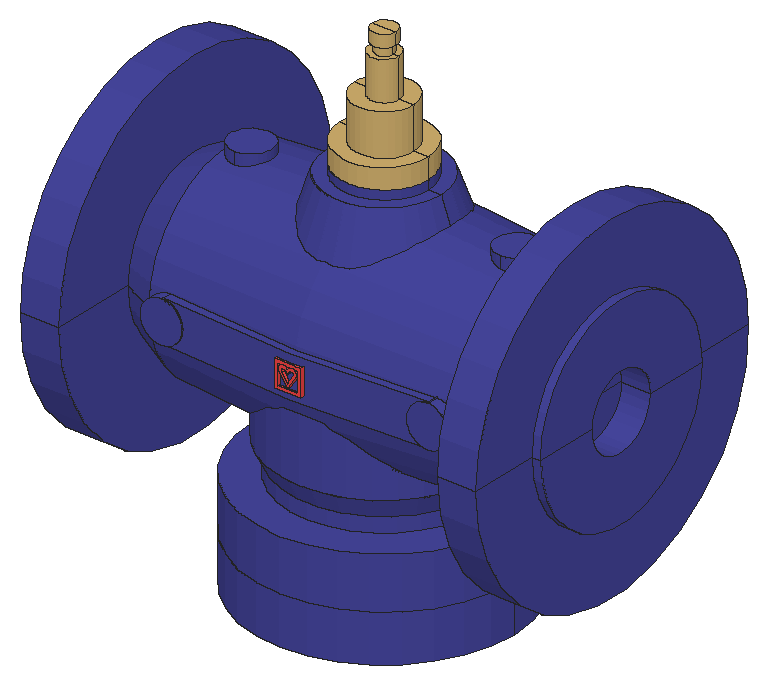
Revit family "Клапан проходной регулирующий, фланцевый F 4035_PN16", category Rohrzubehör, Revit 2020
Family settings
  Bemaßung runder Anschluss = Durchmesser verwenden
  Teiletyp = Unterbricht
  OmniClass-Nummer = 23.65.55.14
  OmniClass-Titel = Valves for Liquid Services
  Arbeitsebenenbasiert = Nein
  Immer vertikal = Ja
  Beim Laden mit Abzugskörper schneiden = Nein
  Gemeinsam genutzt = Nein
Parameters (values of type "kvs6.3")
  Среда = "Качество очистки воды должно соответствовать нормам ÖNORM H 5195 и VDI 2035 стандартам."
  Номер заказа [instance] = if(and(kvs1, Nennweite = 15 mm), 403501, if(and(kvs1.6, Nennweite = 15 mm), 403511, if(and(kvs2.5, Nennweite = 15 mm), 403521, if(and(kvs4, Nennweite = 15 mm), 403531, if(and(kvs6.3, Nennweite = 25 mm), 403503, if(and(kvs10, Nennweite = 25 mm), 403513, if(and(kvs16, Nennweite = 32 mm), 403504, if(and(kvs25, Nennweite = 40 mm), 403505, if(and(kvs40, Nennweite = 50 mm), 403516, if(and(kvs63, Nennweite = 65 mm), 403507, if(and(kvs100, Nennweite = 80 mm), 403508, if(and(kvs160, Nennweite = 100 mm), 403509, if(and(kvs250, Nennweite = 125 mm), 403510, if(and(kvs330, Nennweite = 150 mm), 403541, 0))))))))))))))  # 403503
  Вес [instance] = size_lookup("4035_PN16", "Gewicht", 25, Nennweite)  # 8
  kvs63 = no
  kvs6.3 = yes
  kvs40 = no
  kvs4 = no
  kvs330 = no
  kvs250 = no
  kvs25 = no
  kvs2.5 = no
  kvs160 = no
  kvs16 = no
  kvs100 = no
  kvs10 = no
  kvs1.6 = no
  kvs1 = no
  Седло клапана = "WN1.4021"  # constant formula
  Конус клапана = "WN1.4021/латунь"  # constant formula
  Пропускная характеристика клапана = "равнопроцентная"  # constant formula
  Vorgabe-Ansicht = 0 mm
  URL = "www.herz-armaturen.ru"
  Шток = "WN1.4404"  # constant formula
  SCTWSEQ = "FW;SBT_TYP_FW=\"101\";2"
  SCTWCODE = "04;05;02"  # constant formula
  SCRNSEQ = "ARM;ARM_TYP=\"DURR\";2"
  SCRNCODE = "05;06;02"  # constant formula
  R14 = 4 mm  # constant formula
  R13 = 3 mm  # constant formula
  R12 = 5 mm  # constant formula
  R11 [instance] = size_lookup("4035_PN16", "R11", 18 mm, Nennweite)  # 10 mm
  R10 [instance] = size_lookup("4035_PN16", "R10", 23 mm, Nennweite)  # 15 mm
  R09 [instance] = size_lookup("4035_PN16", "R9", 49 mm, Nennweite)  # 19.5 mm
  R08 [instance] = R00 + 3 mm  # 41 mm
  R07 [instance] = size_lookup("4035_PN16", "R7", 15.5 mm, Nennweite)  # 7 mm
  R06 [instance] = size_lookup("4035_PN16", "R6", 15.5 mm, Nennweite)  # 7 mm
  R05 [instance] = size_lookup("4035_PN16", "R5", 62.5 mm, Nennweite)  # 35.5 mm
  R04 [instance] = size_lookup("4035_PN16", "R4", 59.5 mm, Nennweite)  # 32.5 mm
  R03 [instance] = size_lookup("4035_PN16", "R3", 43 mm, Nennweite)  # 44 mm
  R02 [instance] = size_lookup("4035_PN16", "R2", 43 mm, Nennweite)  # 19.5 mm
  R01 [instance] = size_lookup("4035_PN16", "R1", 55.5 mm, Nennweite)  # 28.5 mm
  R00 [instance] = size_lookup("4035_PN16", "R", 65 mm, Nennweite)  # 38 mm
  PN = 16  # constant formula
  Nennweite [instance] = 25 mm
  Мин. рабочая температура = 5 °C  # constant formula
  Макс. рабочая температура = 150 °C  # constant formula
  Макс. рабочее давление = 1600000.0 Pa  # constant formula
  LO1 [instance] = size_lookup("4035_PN16", "LO1", 28.5 mm, Nennweite)  # 40 mm
  L07 [instance] = L06 - R06  # 45 mm
  L06 [instance] = size_lookup("4035_PN16", "L6", 110 mm, Nennweite)  # 52 mm
  L05 [instance] = D00  # 57.5 mm
  L03 = 10 mm  # constant formula
  L02 [instance] = size_lookup("4035_PN16", "L2", 15 mm, Nennweite)  # 13 mm
  L01 = 3 mm  # constant formula
  L00 [instance] = size_lookup("4035_PN16", "L", 145 mm, Nennweite)  # 80 mm
  Hersteller = "Herz-Armaturen GmbH"  # constant formula
  H18 [instance] = 17.5 mm  # constant formula
  H15 = 4 mm  # constant formula
  H14 [instance] = size_lookup("4035_PN16", "H14", 17 mm, Nennweite)  # 13 mm
  H13 [instance] = size_lookup("4035_PN16", "H13", 18 mm, Nennweite)  # 14 mm
  H12 [instance] = size_lookup("4035_PN16", "H12", 10.5 mm, Nennweite)  # 6.8 mm
  H11 [instance] = size_lookup("4035_PN16", "H11", 52.5 mm, Nennweite)  # 40.8 mm
  H10 [instance] = size_lookup("4035_PN16", "H10", 135.4 mm, Nennweite)  # 88.3 mm
  H09 = 3 mm  # constant formula
  H08 [instance] = size_lookup("4035_PN16", "H8", 79 mm, Nennweite)  # 44.5 mm
  H07 [instance] = R00  # 38 mm
  H06 [instance] = size_lookup("4035_PN16", "H6", 59 mm, Nennweite)  # 35 mm
  H05 [instance] = size_lookup("4035_PN16", "H5", 20 mm, Nennweite)  # 5 mm
  H04 [instance] = size_lookup("4035_PN16", "H4", 17 mm, Nennweite)  # 15 mm
  H02 [instance] = size_lookup("4035_PN16", "H2", 38 mm, Nennweite)  # 3 mm
  H03 [instance] = size_lookup("4035_PN16", "H3", 112 mm, Nennweite)  # 64 mm
  H01 [instance] = size_lookup("4035_PN16", "H1", 14 mm, Nennweite)  # 16 mm
  Корпус = "EN-GJL-250 (EN 1561)"  # constant formula
  Материал уплотнения = "70EPDM"  # constant formula
  DN80 [instance] = Nennweite = 80 mm  # no
  DN65 [instance] = Nennweite = 65 mm  # no
  DN50 [instance] = Nennweite = 50 mm  # no
  DN40 [instance] = Nennweite = 40 mm  # no
  DN32 [instance] = Nennweite = 32 mm  # no
  DN25 [instance] = Nennweite = 25 mm  # yes
  DN150 [instance] = Nennweite = 150 mm  # no
  DN15 [instance] = Nennweite = 15 mm  # no
  DN125 [instance] = Nennweite = 125 mm  # no
  DN100 [instance] = Nennweite = 100 mm  # no
  D02 [instance] = Nennweite / 2  # 12.5 mm
  D01 [instance] = size_lookup("4035_PN16", "D1", 61 mm, Nennweite)  # 34 mm
  D00 [instance] = size_lookup("4035_PN16", "D", 92.5 mm, Nennweite)  # 57.5 mm
  Description = ""
  Область применения = "Клапан может использоваться в системах отопления, вентиляции и кондиционирования воздуха, в производственных и технологических процессах. Пропускная характеристика клапана - равнопроцентная. Соотношение регулирования (соотношение между пропускной способностью при номинальной высоте хода Kvs и минимальным значением пропускной способности, при которой погрешность регулирования находится в пределах номинального допуска Kvmin) - 30. Выбор проходного фланцевого клапана осущетвляется в соответствии с диаграммой значений kvs."
  Фланцевое соединение = "EN 1092-2"  # constant formula
Types (15, lengths in mm): name | Номер заказа | Вес | kvs63 | kvs6.3 | kvs40 | kvs4 | kvs330 | kvs250 | kvs25 | kvs2.5 | kvs160 | kvs16 | kvs100 | kvs10 | kvs1.6 | kvs1 | R11 | R10 | R09 | R08 | R07 | R06 | R05 | R04 | R03 | R02 | R01 | R00 | Nennweite | LO1 | L07 | L06 | L05 | L02 | L00 | H14 | H13 | H12 | H11 | H10 | H08 | H07 | H06 | H05 | H04 | H02 | H03 | H01 | DN80 | DN50 | DN40 | DN32 | DN25 | DN150 | DN15 | DN125 | DN100 | D02 | D01 | D00
  (no name) | 403503 | 8 | no | yes | no | no | no | no | no | no | no | no | no | no | no | no | 10 | 15 | 19.5 | 41 | 7 | 7 | 35.5 | 32.5 | 44 | 19.5 | 28.5 | 38 | 25 | 40 | 45 | 52 | 57.5 | 13 | 80 | 13 | 14 | 6.8 | 40.8 | 88.3 | 44.5 | 38 | 35 | 5 | 15 | 3 | 64 | 16 | no | no | no | no | yes | no | no | no | no | 12.5 | 34 | 57.5
  kvs1 | 403501 | 5 | no | no | no | no | no | no | no | no | no | no | no | no | no | yes | 10 | 15 | 19.5 | 29.5 | 6 | 6 | 24 | 21 | 32.5 | 14 | 17 | 26.5 | 15 | 27.5 | 34 | 40 | 47.5 | 11 | 65 | 13 | 14 | 6.8 | 40.8 | 80.3 | 36.5 | 26.5 | 24.5 | 5 | 13 | 11 | 49 | 14 | no | no | no | no | no | no | yes | no | no | 7.5 | 22.5 | 47.5
  kvs1.6 | 403511 | 5 | no | no | no | no | no | no | no | no | no | no | no | no | yes | no | 10 | 15 | 19.5 | 29.5 | 6 | 6 | 24 | 21 | 32.5 | 14 | 17 | 26.5 | 15 | 27.5 | 34 | 40 | 47.5 | 11 | 65 | 13 | 14 | 6.8 | 40.8 | 80.3 | 36.5 | 26.5 | 24.5 | 5 | 13 | 11 | 49 | 14 | no | no | no | no | no | no | yes | no | no | 7.5 | 22.5 | 47.5
  kvs2.5 | 403521 | 5 | no | no | no | no | no | no | no | yes | no | no | no | no | no | no | 10 | 15 | 19.5 | 29.5 | 6 | 6 | 24 | 21 | 32.5 | 14 | 17 | 26.5 | 15 | 27.5 | 34 | 40 | 47.5 | 11 | 65 | 13 | 14 | 6.8 | 40.8 | 80.3 | 36.5 | 26.5 | 24.5 | 5 | 13 | 11 | 49 | 14 | no | no | no | no | no | no | yes | no | no | 7.5 | 22.5 | 47.5
  kvs4 | 403531 | 5 | no | no | no | yes | no | no | no | no | no | no | no | no | no | no | 10 | 15 | 19.5 | 29.5 | 6 | 6 | 24 | 21 | 32.5 | 14 | 17 | 26.5 | 15 | 27.5 | 34 | 40 | 47.5 | 11 | 65 | 13 | 14 | 6.8 | 40.8 | 80.3 | 36.5 | 26.5 | 24.5 | 5 | 13 | 11 | 49 | 14 | no | no | no | no | no | no | yes | no | no | 7.5 | 22.5 | 47.5
  kvs6.3 | 403503 | 8 | no | yes | no | no | no | no | no | no | no | no | no | no | no | no | 10 | 15 | 19.5 | 41 | 7 | 7 | 35.5 | 32.5 | 44 | 19.5 | 28.5 | 38 | 25 | 40 | 45 | 52 | 57.5 | 13 | 80 | 13 | 14 | 6.8 | 40.8 | 88.3 | 44.5 | 38 | 35 | 5 | 15 | 3 | 64 | 16 | no | no | no | no | yes | no | no | no | no | 12.5 | 34 | 57.5
  kvs10 | 403513 | 8 | no | no | no | no | no | no | no | no | no | no | no | yes | no | no | 10 | 15 | 19.5 | 41 | 7 | 7 | 35.5 | 32.5 | 44 | 19.5 | 28.5 | 38 | 25 | 40 | 45 | 52 | 57.5 | 13 | 80 | 13 | 14 | 6.8 | 40.8 | 88.3 | 44.5 | 38 | 35 | 5 | 15 | 3 | 64 | 16 | no | no | no | no | yes | no | no | no | no | 12.5 | 34 | 57.5
  kvs16 | 403504 | 11.5 | no | no | no | no | no | no | no | no | no | yes | no | no | no | no | 10 | 15 | 20.5 | 46 | 9 | 9 | 40.5 | 37.5 | 49 | 24.5 | 33.5 | 43 | 32 | 45 | 51 | 60 | 70 | 13 | 90 | 17 | 18 | 10.5 | 52.5 | 102 | 46.5 | 43 | 39 | 15 | 15 | 4 | 84 | 16 | no | no | no | yes | no | no | no | no | no | 16 | 39 | 70
  kvs25 | 403505 | 13 | no | no | no | no | no | no | yes | no | no | no | no | no | no | no | 10 | 15 | 20.5 | 51 | 12 | 12 | 45.5 | 42.5 | 54 | 29 | 38.5 | 48 | 40 | 50 | 56 | 68 | 75 | 13 | 100 | 17 | 18 | 10.5 | 52.5 | 112 | 56.5 | 48 | 43 | 20 | 15 | 1 | 94 | 16 | no | no | yes | no | no | no | no | no | no | 20 | 44 | 75
  kvs63 | 0 | 16 | yes | no | no | no | no | no | no | no | no | no | no | no | no | no | 18 | 23 | 49 | 56 | 13.5 | 13.5 | 52.5 | 49.5 | 61 | 34 | 45.5 | 53 | 50 | 56 | 66.5 | 80 | 82.5 | 15 | 115 | 17 | 18 | 10.5 | 52.5 | 122 | 66.5 | 53 | 43 | 1 | 15 | 42 | 67 | 18 | no | yes | no | no | no | no | no | no | no | 25 | 51 | 82.5
  kvs100 | 403508 | 31 | no | no | no | no | no | no | no | no | no | no | yes | no | no | no | 18 | 23 | 49 | 76 | 15.5 | 15.5 | 70.5 | 67.5 | 79 | 51 | 63.5 | 73 | 80 | 77 | 99.5 | 115 | 100 | 17 | 155 | 17 | 18 | 10.5 | 52.5 | 168.5 | 113 | 73 | 65 | 20 | 19 | 46 | 125 | 20 | yes | no | no | no | no | no | no | no | no | 40 | 69 | 100
  kvs160 | 403509 | 46 | no | no | no | no | no | no | no | no | yes | no | no | no | no | no | 30 | 35 | 61 | 86 | 20.5 | 20.5 | 80.5 | 77.5 | 89 | 61 | 73.5 | 83 | 100 | 88 | 112.5 | 133 | 110 | 17 | 175 | 21 | 22 | 14.2 | 64.2 | 189.7 | 122.5 | 83 | 73 | 25 | 19 | 65 | 135 | 20 | no | no | no | no | no | no | no | no | yes | 50 | 79 | 110
  kvs250 | 403510 | 72 | no | no | no | no | no | yes | no | no | no | no | no | no | no | no | 30 | 35 | 61 | 101 | 20.5 | 20.5 | 95.5 | 92.5 | 104 | 76 | 88.5 | 98 | 125 | 103 | 134.5 | 155 | 125 | 19 | 200 | 21 | 22 | 14.2 | 64.2 | 231 | 163.5 | 98 | 80 | 30 | 21 | 44 | 158 | 21 | no | no | no | no | no | no | no | yes | no | 62.5 | 94 | 125
  kvs330 | 403541 | 91 | no | no | no | no | yes | no | no | no | no | no | no | no | no | no | 30 | 35 | 61 | 113 | 20.5 | 20.5 | 107.5 | 104.5 | 116 | 88 | 100.5 | 110 | 150 | 115 | 174.5 | 195 | 142.5 | 19 | 240 | 21 | 22 | 14.2 | 64.2 | 237.5 | 170 | 110 | 85 | 25 | 21 | 42 | 153 | 21 | no | no | no | no | no | yes | no | no | no | 75 | 106 | 142.5
  Kvs40 | 403516 | 16 | no | no | yes | no | no | no | no | no | no | no | no | no | no | no | 18 | 23 | 49 | 56 | 13.5 | 13.5 | 52.5 | 49.5 | 61 | 34 | 45.5 | 53 | 50 | 56 | 66.5 | 80 | 82.5 | 15 | 115 | 17 | 18 | 10.5 | 52.5 | 122 | 66.5 | 53 | 43 | 1 | 15 | 42 | 67 | 18 | no | yes | no | no | no | no | no | no | no | 25 | 51 | 82.5
Reference planes
  plane 1 "Mitte (Vorne/hinten)": y = 0
  plane 2: z = 0
  plane 3 "Mitte (Links/rechts)": x = 0
Forms (mm)
  Revolve 1, solid, material "kunststoff-BLAU", detail levels fine
    sketch origin (1065, 0, 0) x (1, 0, 0) y (0, 1, 0)
      loop
        line (-1142, 34) -> (-1145, 34) -> (-1145, 12.5) -> (-1135, 12.5) -> (-1135, 0) -> (-995, 0) -> (-995, 12.5) -> (-985, 12.5) -> (-985, 34) -> (-988, 34) -> (-988, 57.5) -> (-1001, 57.5) -> (-1001, 28.5) -> (-1013, 34.447)
        arc (-1013, 34.447) -> (-1065, 38) -> (-1117, 34.447) r 382.331
        line (-1117, 34.447) -> (-1129, 28.5) -> (-1129, 57.5) -> (-1142, 57.5) -> (-1142, 34)
      axis (-985, 0) -> (-1145, 0)
    angle from 0 to 360
  Extrusion 2, solid, material "kunststoff-BLAU", detail levels fine
    sketch origin (0, 0, 0) x (-1, 0, 0) y (0, 0, -1)
      loop
        circle (45, 0) r 7
      loop
        circle (-45, 0) r 7
    from -38 to 38
  Extrusion 3, solid, material "kunststoff-BLAU", visible <- "DN65", detail levels fine
    sketch origin (0, 0, 0) x (1, 0, 0) y (0, 1, 0)
      loop
        arc (-95, -56.907) -> (0, -68) -> (95, -56.907) r 412.331
        line (95, -56.907) -> (95, 56.907)
        arc (95, 56.907) -> (0, 68) -> (-95, 56.907) r 412.331
        line (-95, 56.907) -> (-95, -56.907)
    from -15.5 to 15.5
  Revolve 4, solid, material "kunststoff-BLAU", detail levels fine
    sketch origin (0, 0, 0) x (1, 0, 0) y (0, 0, 1)
      loop
        line (-19.5, 44.5) -> (-35.5, 0) -> (0, 0) -> (0, 47.5) -> (-15, 47.5) -> (-15, 44.5) -> (-19.5, 44.5)
      axis (0, 47.5) -> (0, 0)
    angle from 0 to 360
  Revolve 5, solid, material "kunststoff-BLAU", detail levels fine
    sketch origin (0, 0, 0) x (1, 0, 0) y (0, 0, 1)
      loop
        line (0, 0) -> (-35.5, 0) -> (-35.5, -35) -> (-32.5, -41.5) -> (-32.5, -46.5) -> (-44, -46.5) -> (-44, -64) -> (0, -64) -> (0, 0)
      axis (0, 0) -> (0, -64)
    angle from 0 to 360
  Revolve 6, solid, material "kunststoff-BLAU", detail levels fine
    sketch origin (0, 0, 0) x (1, 0, 0) y (0, 0, 1)
      loop
        line (0, -64) -> (-44, -64) -> (-44, -80) -> (0, -80) -> (0, -64)
      axis (0, -64) -> (0, -80)
    angle from 0 to 360
  Extrusion 7, solid, material "kunststoff-BLAU", detail levels fine
    sketch origin (0, 0, 0) x (0, -1, 0) y (1, 0, 0)
      loop
        circle (0, -45) r 7
      loop
        circle (0, 45) r 7
    from -38 to 38
  Extrusion 8, solid, material "kunststoff-BLAU", visible <- "DN150", detail levels fine
    sketch origin (0, 0, 0) x (1, 0, 0) y (0, 1, 0)
      loop
        arc (-179.5, -78.475) -> (0, -115) -> (179.5, -78.475) r 459.331
        line (179.5, -78.475) -> (179.5, 78.475)
        arc (179.5, 78.475) -> (0, 115) -> (-179.5, 78.475) r 459.331
        line (-179.5, 78.475) -> (-179.5, -78.475)
    from -20.5 to 20.5
  Extrusion 9, solid, material "kunststoff-BLAU", visible <- "DN125", detail levels fine
    sketch origin (0, 0, 0) x (1, 0, 0) y (0, 1, 0)
      loop
        arc (-134.5, -82.301) -> (0, -103) -> (134.5, -82.301) r 447.331
        line (134.5, -82.301) -> (134.5, 82.301)
        arc (134.5, 82.301) -> (0, 103) -> (-134.5, 82.301) r 447.331
        line (-134.5, 82.301) -> (-134.5, -82.301)
    from -20.5 to 20.5
  Extrusion 10, solid, material "kunststoff-BLAU", visible <- "DN100", detail levels fine
    sketch origin (0, 0, 0) x (1, 0, 0) y (0, 1, 0)
      loop
        arc (-112.5, -73.106) -> (0, -88) -> (112.5, -73.106) r 432.331
        line (112.5, -73.106) -> (112.5, 73.106)
        arc (112.5, 73.106) -> (0, 88) -> (-112.5, 73.106) r 432.331
        line (-112.5, 73.106) -> (-112.5, -73.106)
    from -20.5 to 20.5
  Extrusion 11, solid, material "kunststoff-BLAU", visible <- "DN80", detail levels fine
    sketch origin (0, 0, 0) x (1, 0, 0) y (0, 1, 0)
      loop
        line (99.5, -65.083) -> (99.5, 65.083)
        arc (99.5, 65.083) -> (0, 77) -> (-99.5, 65.083) r 421.331
        line (-99.5, 65.083) -> (-99.5, -65.083)
        arc (-99.5, -65.083) -> (0, -77) -> (99.5, -65.083) r 421.331
    from -15.5 to 15.5
  Extrusion 12, solid, material "kunststoff-BLAU", visible <- "DN50", detail levels fine
    sketch origin (0, 0, 0) x (1, 0, 0) y (0, 1, 0)
      loop
        arc (-66.5, -50.44) -> (0, -56.006) -> (66.5, -50.44) r 400.05
        line (66.5, -50.44) -> (66.5, 50.44)
        arc (66.5, 50.44) -> (0, 56.006) -> (-66.5, 50.44) r 400.05
        line (-66.5, 50.44) -> (-66.5, -50.44)
    from -13.5 to 13.5
  Extrusion 13, solid, material "kunststoff-BLAU", visible <- "DN40", detail levels fine
    sketch origin (0, 0, 0) x (1, 0, 0) y (0, 1, 0)
      loop
        arc (-56, -46.003) -> (0, -50) -> (56, -46.003) r 394.331
        line (56, -46.003) -> (56, 46.003)
        arc (56, 46.003) -> (0, 50) -> (-56, 46.003) r 394.331
        line (-56, 46.003) -> (-56, -46.003)
    from -12 to 12
  Extrusion 14, solid, material "kunststoff-BLAU", visible <- "DN32", detail levels fine
    sketch origin (0, 0, 0) x (1, 0, 0) y (0, 1, 0)
      loop
        arc (-51, -41.645) -> (0, -45) -> (51, -41.645) r 389.331
        line (51, -41.645) -> (51, 41.645)
        arc (51, 41.645) -> (0, 45) -> (-51, 41.645) r 389.331
        line (-51, 41.645) -> (-51, -41.645)
    from -9 to 9
  Extrusion 15, solid, material "kunststoff-BLAU", visible <- "DN25", detail levels fine
    sketch origin (0, 0, 0) x (1, 0, 0) y (0, 1, 0)
      loop
        line (45, -37.356) -> (45, 37.356)
        arc (45, 37.356) -> (0, 40) -> (-45, 37.356) r 384.331
        line (-45, 37.356) -> (-45, -37.356)
        arc (-45, -37.356) -> (0, -40) -> (45, -37.356) r 384.331
    from -7 to 7
  Extrusion 16, solid, material "kunststoff-BLAU", visible <- "DN15", detail levels fine
    sketch origin (0, 0, 0) x (1, 0, 0) y (0, 1, 0)
      loop
        line (-34, 25.942) -> (-34, -25.942)
        arc (-34, -25.942) -> (0, -27.5) -> (34, -25.942) r 371.831
        line (34, -25.942) -> (34, 25.942)
        arc (34, 25.942) -> (0, 27.5) -> (-34, 25.942) r 371.831
    from -6 to 6
  Revolve 17, solid, material "Messing-poliert", detail levels fine
    sketch origin (0, 0, 0) x (1, 0, 0) y (0, 0, 1)
      loop
        line (-15, 54.3) -> (-15, 47.5) -> (0, 47.5) -> (0, 88.3) -> (-4, 88.3) -> (-4, 84.3) -> (-3, 84.3) -> (-3, 81.3) -> (-5, 81.3) -> (-5, 68.3) -> (-10, 68.3) -> (-10, 54.3) -> (-15, 54.3)
      axis (0, 88.3) -> (0, 47.5)
    angle from 0 to 360
Lines and regions (mm)
  model lines, detail levels coarse+medium
    curve 1: line (80, 0, 57.5) -> (80, 0, -57.5)
    curve 2: line (80, 0, -57.5) -> (-80, 0, 57.5)
    curve 3: line (-80, 0, 57.5) -> (-80, 0, -57.5)
    curve 4: line (-80, 0, -57.5) -> (80, 0, 57.5)
    curve 5: line (80, 57.5, 0) -> (80, -57.5, 0)
    curve 6: line (80, -57.5, 0) -> (-80, 57.5, 0)
    curve 7: line (-80, 57.5, 0) -> (-80, -57.5, 0)
    curve 8: line (-80, -57.5, 0) -> (80, 57.5, 0)
Dimensions and locks
  "L00": Revolve 1 sketch curve to plane 3 "Mitte (Links/rechts)" to Revolve 1 sketch curve
  "D00": plane 1 "Mitte (Vorne/hinten)" to Revolve 1 sketch curve  (x2)
  "D02": plane 1 "Mitte (Vorne/hinten)" to Revolve 1 sketch curve  (x2)
  "L01": Revolve 1 sketch curve to Revolve 1 sketch curve  (x2)
  "L02": Revolve 1 sketch curve to Revolve 1 sketch curve  (x2)
  "D01": plane 1 "Mitte (Vorne/hinten)" to Revolve 1 sketch curve  (x2)
  "R01": plane 1 "Mitte (Vorne/hinten)" to Revolve 1 sketch curve  (x2)
  "R00": Revolve 1 sketch curve to Revolve 1 sketch curve
  "L03": Revolve 1 sketch curve to Revolve 1 sketch curve  (x2)
  "H01": Revolve 6 sketch curve to Revolve 6 sketch curve
  "R03": plane 3 "Mitte (Links/rechts)" to Revolve 6 sketch curve
  "R03": Revolve 5 sketch curve to Revolve 5 sketch curve
  "H03": plane 2 to Revolve 5 sketch curve
  "H06": Revolve 5 sketch curve to Revolve 5 sketch curve
  "R04": Revolve 5 sketch curve to Revolve 5 sketch curve
  "R05": Revolve 5 sketch curve to Revolve 5 sketch curve
  "H05": Revolve 5 sketch curve to Revolve 5 sketch curve
  "L06": Revolve 1 sketch curve to plane 3 "Mitte (Links/rechts)" to Revolve 1 sketch curve
  "H03": plane 2 to Revolve 6 sketch curve
  "R09": Revolve 4 sketch curve to Revolve 4 sketch curve
  "R05": Revolve 4 sketch curve to Revolve 4 sketch curve
  "H07": Extrusion 7 to plane 2 to Extrusion 7  (x2)
  "L07": plane 3 "Mitte (Links/rechts)" to Extrusion 7 sketch curve
  "L07": Extrusion 7 sketch curve to plane 3 "Mitte (Links/rechts)"
  "H07": Extrusion 2 to plane 1 "Mitte (Vorne/hinten)"  (x3)
  "L07": plane 3 "Mitte (Links/rechts)" to Extrusion 2 sketch curve
  "L07": Extrusion 2 sketch curve to plane 3 "Mitte (Links/rechts)"
  "H07": plane 1 "Mitte (Vorne/hinten)" to Extrusion 2
  "H08": Revolve 4 sketch curve to plane 2
  "H09": Revolve 4 sketch curve to Revolve 4 sketch curve
  "R10": plane 3 "Mitte (Links/rechts)" to Revolve 4 sketch curve
  "H11": Revolve 17 sketch curve to Revolve 17 sketch curve
  "H10": Revolve 17 sketch curve to plane 2
  "R10": plane 3 "Mitte (Links/rechts)" to Revolve 17 sketch curve
  "H12": Revolve 17 sketch curve to Revolve 17 sketch curve
  "H13": Revolve 17 sketch curve to Revolve 17 sketch curve
  "H14": Revolve 17 sketch curve to Revolve 17 sketch curve
  "H15": Revolve 17 sketch curve to Revolve 17 sketch curve
  "R14": plane 3 "Mitte (Links/rechts)" to Revolve 17 sketch curve
  "R13": plane 3 "Mitte (Links/rechts)" to Revolve 17 sketch curve
  "R11": plane 3 "Mitte (Links/rechts)" to Revolve 17 sketch curve
  "R12": plane 3 "Mitte (Links/rechts)" to Revolve 17 sketch curve
  "LO1": nested 1 to plane 1 "Mitte (Vorne/hinten)"
  "H18": Revolve 5 sketch curve to Revolve 6
  "D00": curve 3 to plane 2 to curve 4
  "D00": curve 4 to plane 2 to curve 2
  "L00": curve 3 to plane 3 "Mitte (Links/rechts)" to curve 1
  "D00": curve 8 to plane 1 "Mitte (Vorne/hinten)" to curve 7
  "D00": curve 5 to plane 1 "Mitte (Vorne/hinten)" to curve 8
  "L00": curve 7 to plane 3 "Mitte (Links/rechts)" to curve 5
  "R06": radius of Extrusion 7 sketch curve  (x2)
  "R07": radius of Extrusion 2 sketch curve  (x2)
  aligned and locked: level to plane 2
Automatic sketch dimensions
  Extrusion 3 sketch curve to plane 1 "Mitte (Vorne/hinten)" = 56.907 mm  (x2)
  Extrusion 3 sketch curve to plane 3 "Mitte (Links/rechts)" = 0 mm  (x2)
  Extrusion 3 sketch curve to Extrusion 3 sketch curve = 113.814 mm
  Extrusion 3 sketch curve to Extrusion 3 sketch curve = 287.425 mm
  Extrusion 3 sketch curve to plane 1 "Mitte (Vorne/hinten)" = 344.331 mm
  plane 3 "Mitte (Links/rechts)" to Extrusion 3 sketch curve = 95 mm
  Extrusion 8 sketch curve to plane 3 "Mitte (Links/rechts)" = 0 mm  (x2)
  Extrusion 8 sketch curve to plane 1 "Mitte (Vorne/hinten)" = 78.475 mm  (x2)
  plane 1 "Mitte (Vorne/hinten)" to Extrusion 8 sketch curve = 78.475 mm
  Extrusion 8 sketch curve to plane 3 "Mitte (Links/rechts)" = 179.5 mm
  Extrusion 8 sketch curve to Extrusion 8 sketch curve = 265.857 mm
  Extrusion 8 sketch curve to plane 1 "Mitte (Vorne/hinten)" = 344.331 mm
  plane 3 "Mitte (Links/rechts)" to Extrusion 9 sketch curve = 134.5 mm
  plane 1 "Mitte (Vorne/hinten)" to Extrusion 9 sketch curve = 82.301 mm  (x2)
  Extrusion 9 sketch curve to plane 3 "Mitte (Links/rechts)" = 0 mm  (x2)
  Extrusion 9 sketch curve to Extrusion 9 sketch curve = 262.031 mm  (x2)
  Extrusion 9 sketch curve to plane 1 "Mitte (Vorne/hinten)" = 82.301 mm
  Extrusion 10 sketch curve to plane 3 "Mitte (Links/rechts)" = 0 mm  (x2)
  plane 1 "Mitte (Vorne/hinten)" to Extrusion 10 sketch curve = 73.106 mm
  Extrusion 10 sketch curve to plane 3 "Mitte (Links/rechts)" = 112.5 mm
  Extrusion 10 sketch curve to Extrusion 10 sketch curve = 271.225 mm
  Extrusion 10 sketch curve to plane 1 "Mitte (Vorne/hinten)" = 344.331 mm
  Extrusion 10 sketch curve to plane 1 "Mitte (Vorne/hinten)" = 73.106 mm  (x2)
  Extrusion 11 sketch curve to plane 3 "Mitte (Links/rechts)" = 0 mm  (x2)
  plane 1 "Mitte (Vorne/hinten)" to Extrusion 11 sketch curve = 65.083 mm  (x2)
  Extrusion 11 sketch curve to plane 3 "Mitte (Links/rechts)" = 99.5 mm
  Extrusion 11 sketch curve to Extrusion 11 sketch curve = 279.249 mm
  Extrusion 11 sketch curve to plane 1 "Mitte (Vorne/hinten)" = 344.331 mm
  Extrusion 11 sketch curve to plane 1 "Mitte (Vorne/hinten)" = 65.083 mm
  Extrusion 12 sketch curve to plane 3 "Mitte (Links/rechts)" = 0 mm  (x2)
  Extrusion 12 sketch curve to plane 3 "Mitte (Links/rechts)" = 66.5 mm
  plane 3 "Mitte (Links/rechts)" to Extrusion 12 sketch curve = 66.5 mm
  plane 1 "Mitte (Vorne/hinten)" to Extrusion 12 sketch curve = 344.044 mm
  plane 1 "Mitte (Vorne/hinten)" to Extrusion 12 sketch curve = 50.44 mm
  Extrusion 12 sketch curve to plane 1 "Mitte (Vorne/hinten)" = 50.44 mm
  Extrusion 12 sketch curve to Extrusion 12 sketch curve = 293.604 mm
  Extrusion 13 sketch curve to plane 3 "Mitte (Links/rechts)" = 0 mm  (x2)
  Extrusion 13 sketch curve to plane 3 "Mitte (Links/rechts)" = 56 mm
  plane 3 "Mitte (Links/rechts)" to Extrusion 13 sketch curve = 56 mm
  plane 1 "Mitte (Vorne/hinten)" to Extrusion 13 sketch curve = 344.331 mm
  plane 1 "Mitte (Vorne/hinten)" to Extrusion 13 sketch curve = 46.003 mm
  Extrusion 13 sketch curve to plane 1 "Mitte (Vorne/hinten)" = 46.003 mm
  Extrusion 13 sketch curve to Extrusion 13 sketch curve = 298.328 mm
  Extrusion 14 sketch curve to plane 3 "Mitte (Links/rechts)" = 0 mm  (x2)
  Extrusion 14 sketch curve to plane 3 "Mitte (Links/rechts)" = 51 mm
  plane 3 "Mitte (Links/rechts)" to Extrusion 14 sketch curve = 51 mm
  plane 1 "Mitte (Vorne/hinten)" to Extrusion 14 sketch curve = 344.331 mm
  plane 1 "Mitte (Vorne/hinten)" to Extrusion 14 sketch curve = 41.645 mm
  Extrusion 14 sketch curve to plane 1 "Mitte (Vorne/hinten)" = 41.645 mm
  Extrusion 14 sketch curve to Extrusion 14 sketch curve = 302.686 mm
  Extrusion 15 sketch curve to plane 3 "Mitte (Links/rechts)" = 0 mm  (x2)
  Extrusion 15 sketch curve to plane 3 "Mitte (Links/rechts)" = 45 mm
  plane 3 "Mitte (Links/rechts)" to Extrusion 15 sketch curve = 45 mm
  plane 1 "Mitte (Vorne/hinten)" to Extrusion 15 sketch curve = 344.331 mm
  plane 1 "Mitte (Vorne/hinten)" to Extrusion 15 sketch curve = 37.356 mm
  Extrusion 15 sketch curve to plane 1 "Mitte (Vorne/hinten)" = 37.356 mm
  Extrusion 15 sketch curve to Extrusion 15 sketch curve = 306.975 mm
  Extrusion 16 sketch curve to plane 3 "Mitte (Links/rechts)" = 0 mm  (x2)
  Extrusion 16 sketch curve to plane 3 "Mitte (Links/rechts)" = 34 mm
  plane 3 "Mitte (Links/rechts)" to Extrusion 16 sketch curve = 34 mm
  plane 1 "Mitte (Vorne/hinten)" to Extrusion 16 sketch curve = 344.331 mm
  plane 1 "Mitte (Vorne/hinten)" to Extrusion 16 sketch curve = 25.942 mm
  Extrusion 16 sketch curve to plane 1 "Mitte (Vorne/hinten)" = 25.942 mm
  Extrusion 16 sketch curve to Extrusion 16 sketch curve = 318.389 mm
  plane 1 "Mitte (Vorne/hinten)" to Revolve 1 sketch curve = 0 mm  (x2)
  Revolve 1 sketch curve to plane 3 "Mitte (Links/rechts)" = 0 mm
  plane 1 "Mitte (Vorne/hinten)" to Revolve 1 sketch curve = 344.331 mm
  Revolve 1 sketch curve to Revolve 1 sketch curve = 1855 mm  (x2)
  Extrusion 2 sketch curve to level = 0 mm  (x2)
  Revolve 4 sketch curve to level = 0 mm
  Revolve 4 sketch curve to plane 3 "Mitte (Links/rechts)" = 0 mm  (x2)
  Revolve 4 sketch curve to Revolve 4 sketch curve = 366.045 mm
  Revolve 4 sketch curve to Revolve 4 sketch curve = 2132.315 mm
  Revolve 5 sketch curve to level = 0 mm
  Revolve 5 sketch curve to plane 3 "Mitte (Links/rechts)" = 0 mm  (x2)
  Revolve 5 sketch curve to Revolve 5 sketch curve = 254.045 mm
  level to Revolve 5 sketch curve = 2214.315 mm
  Revolve 6 sketch curve to plane 3 "Mitte (Links/rechts)" = 0 mm  (x2)
  Revolve 6 sketch curve to Revolve 6 sketch curve = 0 mm
  level to Revolve 6 sketch curve = 2214.315 mm
  plane 1 "Mitte (Vorne/hinten)" to Extrusion 7 sketch curve = 0 mm  (x2)
  Revolve 17 sketch curve to plane 3 "Mitte (Links/rechts)" = 0 mm  (x2)
  Revolve 17 sketch curve to level = 366.045 mm
  Revolve 17 sketch curve to Revolve 17 sketch curve = 2079.815 mm
Nested families
  nested 1: "Herz-Logo-vorne" at (-0.018, -40, 0) x (0, 1, 0) z (0, 0, 1), type "Herz-Logo-vorne", detail levels fine
Connectors
  piping at (-80, 0, 0), diameter 25, driven by "Nennweite"
    settings: on Revolve 1, index 1, connector inside diameter 609.6 mm, connector length 0 mm, flow factor 0, pipe flow 0.0 L/s, pressure drop 0.0 Pa, fitting loss kfactor 0, connector angle 0.00°, fixture units 0, engagement length 0 mm, angle of deflection 0.00°, flow configuration 0, flow direction 1, fitting loss method 0, system type 29, joint type 0, gender type 0, connector reference index -1, connector utility 0, adjustable connector no, is connector primary yes, connector description ""
  piping at (80, 0, 0), diameter 25, driven by "Nennweite"
    settings: on Revolve 1, index 2, connector inside diameter 609.6 mm, connector length 0 mm, flow factor 0, pipe flow 0.0 L/s, pressure drop 0.0 Pa, fitting loss kfactor 0, connector angle 0.00°, fixture units 0, engagement length 0 mm, angle of deflection 0.00°, flow configuration 0, flow direction 2, fitting loss method 0, system type 29, joint type 0, gender type 0, connector reference index -1, connector utility 0, adjustable connector no, is connector primary no, connector description ""
Definition of nested family "Herz-Logo-vorne"
  Parameters (values of type "Herz-Logo-vorne")
    Default Elevation = 0 mm
  Reference planes
    plane 1 "Mitte (Vorne/hinten)": y = 0
    plane 2: z = 0
    plane 3 "Mitte (Links/rechts)": x = 0
  Forms (mm)
    Extrusion 1, solid
      sketch origin (0.732, -0.018, 0.017) x (0, -1, 0) y (0, 0, 1)
        loop
          line (-0.018, -4.517) -> (4.482, -4.517) -> (4.482, 4.483) -> (-4.518, 4.483) -> (-4.518, -4.517) -> (-0.018, -4.517)
        loop
          line (-0.05, -3.48) -> (3.482, -3.48) -> (3.482, 3.483) -> (-3.518, 3.483) -> (-3.518, -3.48) -> (-0.05, -3.48)
        loop
          arc (-0.018, 2.383) -> (-1.543, 3.287) -> (-3.067, 2.383) r 1.738
          arc (-3.067, 2.383) -> (-3.191, 1.899) -> (-3.067, 1.415) r 1.009
          line (-3.067, 1.415) -> (-0.018, -3.281) -> (3.032, 1.415)
          arc (3.032, 1.415) -> (3.156, 1.899) -> (3.032, 2.383) r 1.009
          arc (3.032, 2.383) -> (1.507, 3.287) -> (-0.018, 2.383) r 1.738
        loop
          arc (1.885, 1.272) -> (2.005, 1.675) -> (1.885, 2.079) r 0.74
          arc (1.885, 2.079) -> (1.265, 2.416) -> (0.644, 2.079) r 0.74
          line (0.644, 2.079) -> (-0.018, 0.97) -> (-0.679, 2.079)
          arc (-0.679, 2.079) -> (-1.3, 2.416) -> (-1.921, 2.079) r 0.74
          arc (-1.921, 2.079) -> (-2.04, 1.675) -> (-1.921, 1.272) r 0.74
          line (-1.921, 1.272) -> (-0.018, -1.658) -> (1.885, 1.272)
      from 0 to 1.5
  Dimensions and locks
    aligned and locked: level to plane 2
